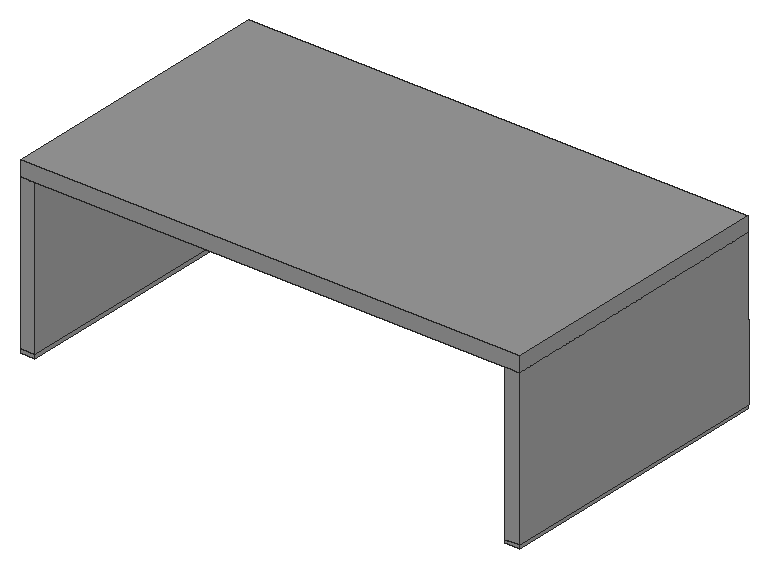
Revit family "Cocoon Community Table 48x84x29", category Generic Models, Revit 2018
Family settings
  Can host rebar = No
  Round Connector Dimension = Use Diameter
  Part Type = Normal
  Work Plane-Based = No
  Always vertical = Yes
  Cut with Voids When Loaded = No
  Shared = No
  Room Calculation Point = No
Parameters
  Frame = Cocoon Community Table 48x84x29 Frame
  Surface = Cocoon Community Table 48x84x29 Surface
Reference planes (in)
  plane 1 "Center (Front/Back)": y = 0
  plane 2: z = 0
  plane 3 "Center (Left/Right)": x = 0
Forms (in)
  Extrusion 1, solid, material "Cocoon Community Table 48x84x29 Frame" <- "Frame"
    sketch origin (0, 0, 0) x (1, 0, 0) y (0, 0, 1)
      loop
        line (-42, 0.5) -> (-42, 0) -> (-39.5, 0) -> (-39.5, 0.5) -> (-42, 0.5)
      loop
        line (42, 0.5) -> (39.5, 0.5) -> (39.5, 0) -> (42, 0) -> (42, 0.5)
    from -24 to 24
  Extrusion 2, solid, material "Cocoon Community Table 48x84x29 Surface" <- "Surface"
    sketch origin (0, 0, 0) x (1, 0, 0) y (0, 0, 1)
      loop
        line (-42, 29) -> (-42, 26.5) -> (42, 26.5) -> (42, 29) -> (-42, 29)
    from -24 to 24
  Extrusion 3, solid, material "Cocoon Community Table 48x84x29 Frame" <- "Frame"
    sketch origin (0, 0, 0) x (1, 0, 0) y (0, 0, 1)
      loop
        line (-42, 26.5) -> (-42, 0.5) -> (-39.5, 0.5) -> (-39.5, 26.5) -> (-42, 26.5)
      loop
        line (39.5, 26.5) -> (39.5, 0.5) -> (42, 0.5) -> (42, 26.5) -> (39.5, 26.5)
    from -24 to 24
  Extrusion 4, solid, material "Cocoon Community Table 48x84x29 Frame" <- "Frame"
    sketch origin (0, -90.74848, -21.58144) x (0, 1, 0) y (0, 0, 1)
      loop
        line (91.99848, 48.08144) -> (89.49848, 48.08144) -> (89.49848, 36.08144) -> (91.99848, 36.08144) -> (91.99848, 48.08144)
    from -39.5 to 39.5
Dimensions and locks (in)
  aligned and locked: plane 2 to level
